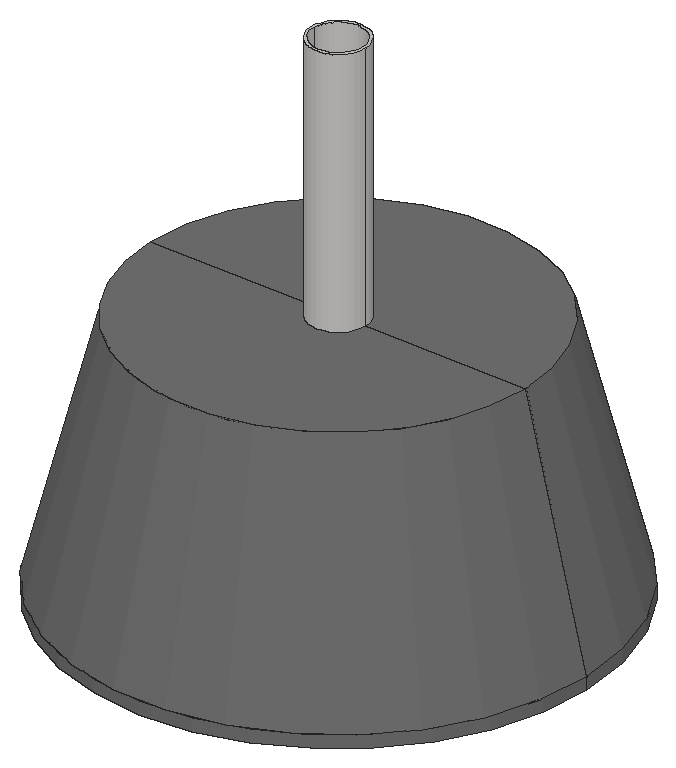
Revit family "FA_БетонноеОснованиеДляМачты_58002_EZETEK", category Системы пожарной сигнализации, Revit 2017
Family settings
  Сохранять ориентацию аннотаций = Нет
  Размер круглого соединителя = Использовать радиус
  Тип детали = Нормальный
  На основе рабочей плоскости = Нет
  Всегда вертикально = Да
  При загрузке вырезать с полостями = Нет
  Общий = Да
  Точка расчета площади = Нет
Parameters (values of type "БетонноеОснованиеДляМачты_58002")
  Угол = 90.00°  # constant formula
  Производитель_Контакты = "ezetek@ezetek.ru"  # constant formula
  Описание = "Бетонное основание позволяет установить на плоской\r\nкровле молниеприемную мачту диаметром 32 мм\r\nи общей высотой до 4 метров. Для фиксации мачты\r\nна основании служит труба внешним диаметром\r\n40 мм. Бетонное основание также применяется для\r\nвыполнения молниезащиты отдельных выступающих\r\nна кровле объектов: вентиляционных шахт, элементов\r\nсистемы кондиционирования и т. д. Для подключения\r\nтокоотвода в комплектацию бетонного основания\r\nвключен один зажим под пруток диаметром 8-10 мм —\r\nАрт. 91092 Держатель проводника круглого."  # constant formula
  Использовать масштаб аннотаций [instance] = 1 = 0  # 0
  Изготовитель = "Ezetek"  # constant formula
  Группа модели = "Молниеотводы и мачты на утяжелителях"  # constant formula
  URL = "https://ezetek.ru/"
  ADSK_Этаж [instance] = ""
  ADSK_Примечание [instance] = ""
  ADSK_Позиция [instance] = ""
  ADSK_Обозначение = "58002"
  ADSK_Наименование краткое [instance] = "Бетонное основание для мачты"
  ADSK_Наименование = "Бетонное основание для мачты СММ"
  ADSK_Материал = BIMLIB_Бетон_EZETEK
  ADSK_Масса_Текст = "35.50"  # constant formula
  ADSK_Масса = 35.5  # constant formula
  ADSK_Марка = "58002"
  ADSK_Количество = 1  # constant formula
  ADSK_Код изделия = "58002"
  ADSK_Завод-изготовитель = "Ezetek"  # constant formula
  ADSK_Единица измерения = "шт."  # constant formula
  ADSK_Группирование [instance] = ""
  ADSK_Версия Revit = "2017"  # constant formula
Reference planes
  plane 1 "По центру (Вперед/Назад)": y = 0
  plane 2: z = 0
  plane 3 "По центру (Влево/Вправо)": x = 0
  plane 4: z = 200
  plane 5: y = 200
  plane 6: y = -200
  plane 7: x = -200.156
  plane 8: x = 200.156
  plane 9: z = 400
Forms (mm)
  Revolve 1, solid, material "BIMLIB_Бетон_EZETEK" <- "ADSK_Материал", detail levels fine
    sketch origin (0, 0, 0) x (1, 0, 0) y (0, 0, 1)
      loop
        line (0, 200) -> (0, 0) -> (200.156, 0) -> (200.156, 10) -> (150.493, 200) -> (0, 200)
      axis (0, 200) -> (0, 0)
    angle from 0 to 360
  Extrusion 2, solid, material "BIMLIB_Сталь_Нержавеющая_EZETEK", detail levels fine
    sketch origin (0, 0, 0) x (1, 0, 0) y (0, 1, 0)
      loop
        circle (0, 0) r 20
      loop
        circle (0, 0) r 22
    from 400 to 200
Dimensions and locks
  plane 4 to plane 2 = 200 mm
  equal spacing: plane 7, plane 3 "По центру (Влево/Вправо)", plane 8
  equal spacing: plane 6, plane 1 "По центру (Вперед/Назад)", plane 5
  locked: plane 5 to plane 6 at 400
  locked: plane 7 to plane 8 at 400.312
  locked: plane 9 to plane 2 at 400
  aligned and locked: level to plane 2
  aligned and locked: plane 4 to Revolve 1 sketch curve  (x2)
  aligned and locked: Revolve 1 sketch curve to plane 3 "По центру (Влево/Вправо)"  (x2)
  aligned and locked: Revolve 1 sketch curve to plane 2
  aligned and locked: Revolve 1 sketch curve to plane 8
  aligned and locked: plane 4 to Extrusion 2
  aligned and locked: Extrusion 2 to plane 9
Automatic sketch dimensions
  Revolve 1 sketch curve to level = 0 mm
  Revolve 1 sketch curve to Revolve 1 sketch curve = 10 mm
  plane 8 to Revolve 1 sketch curve = 49.664 mm
  plane 1 "По центру (Вперед/Назад)" to Extrusion 2 sketch curve = 0 mm
  Extrusion 2 sketch curve to plane 3 "По центру (Влево/Вправо)" = 0 mm
  Extrusion 2 sketch curve to Extrusion 2 sketch curve = 0 mm  (x2)
  radius of Extrusion 2 sketch curve = 20 mm
  radius of Extrusion 2 sketch curve = 22 mm
